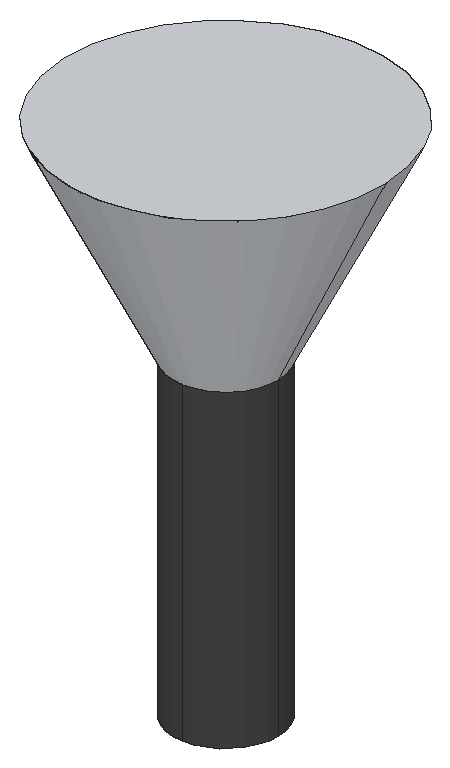
Revit family
Parameters
  Radius = 609.6 mm
  Height = 1828.8 mm
  Column Material = Concrete
  Blend Top Radius = 920 mm
  Blend Height = 1219.2 mm
  Assembly Code = ""
Reference planes
  plane 1 "Center (Front/Back)": y = 0
  plane 2: z = 0
  plane 3 "Center (Left/Right)": x = 0
  plane 4: x = -304.8
  plane 5: x = 304.8
  plane 6: y = 304.8
  plane 7: y = -304.8
  plane 8 "Top": z = 1828.8
  plane 9: z = 3048
Forms (mm)
  Extrusion 1, solid, material "Concrete"
    sketch origin (0, 0, 0) x (1, 0, 0) y (0, 1, 0)
      loop
        arc (-304.8, 0) -> (-215.526, -215.526) -> (0, -304.8) r 304.8
        arc (0, -304.8) -> (215.526, -215.526) -> (304.8, 0) r 304.8
        arc (304.8, 0) -> (215.526, 215.526) -> (0, 304.8) r 304.8
        arc (0, 304.8) -> (-215.526, 215.526) -> (-304.8, 0) r 304.8
    from 0 to 1828.8
  Blend 2, solid
    base sketch origin (0, 0, 0) x (1, 0, 0) y (0, 1, 0)
      loop
        circle (0, 0) r 304.8
    top sketch origin (0, 0, 0) x (1, 0, 0) y (0, 1, 0)
      loop
        circle (0, 0) r 920
    from 1828.8 to 3048
Dimensions and locks
  equal spacing: plane 4, plane 3 "Center (Left/Right)", plane 5
  "Radius": plane 4 to plane 5
  equal spacing: plane 6, plane 1 "Center (Front/Back)", plane 7
  "Radius": plane 6 to plane 7
  "Height": plane 8 "Top" to level
  "Blend Height": plane 9 to plane 8 "Top"
  "Blend Top Radius": radius of Blend 2 sketch curve
  aligned and locked: level to plane 2
  aligned and locked: plane 8 "Top" to Extrusion 1
  aligned and locked: Blend 2 to plane 8 "Top"
  aligned and locked: plane 9 to Blend 2
  aligned and locked: Blend 2 sketch curve to Extrusion 1
Automatic sketch dimensions
  Extrusion 1 sketch curve to Extrusion 1 sketch curve = 0 mm  (x12)
  plane 1 "Center (Front/Back)" to Extrusion 1 sketch curve = 0 mm
  Extrusion 1 sketch curve to plane 4 = 0 mm
  Extrusion 1 sketch curve to plane 3 "Center (Left/Right)" = 0 mm
  plane 1 "Center (Front/Back)" to Blend 2 sketch curve = 0 mm
  Blend 2 sketch curve to plane 3 "Center (Left/Right)" = 0 mm
